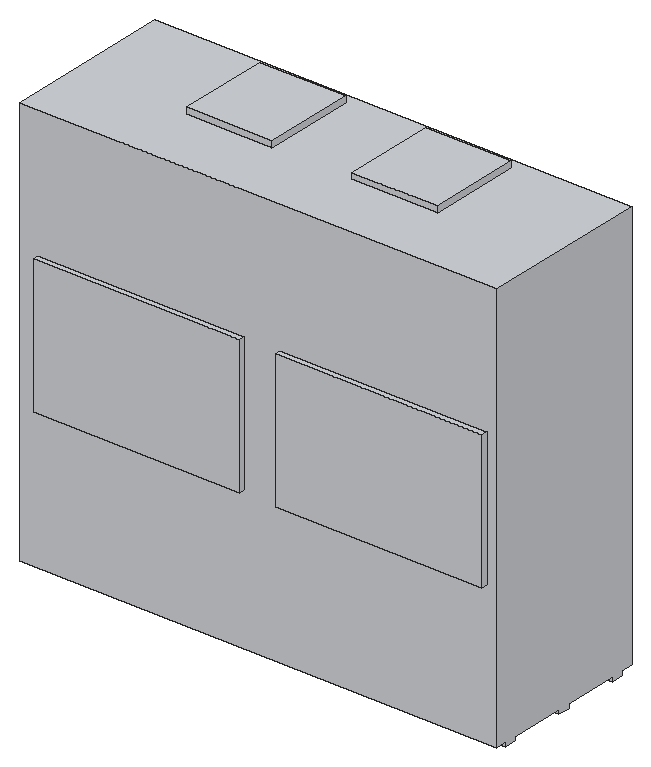
Revit family "M_WSHP - Vertical - 46-88 kW - Retorno frontal - Descarga superior", category Equipamento mecânico, Revit 2019
Family settings
  Cota do conector redondo = Usar raio
  Tipo de parte = Normal
  Número OmniClass = 23.75.10.21.17
  Título OmniClass = Water-Source Heat Pumps
  ID de item do Seek = WSHP - Vertical - 46-88 kW - Front Return - Top Discharge-0000-CAN-ENU
  Com base no plano de trabalho = Não
  Sempre na vertical = Sim
  Corte com vazios quando carregada = Não
  Compartilhado = Não
  Ponto de cálculo do ambiente = Não
Parameters (values of type "46 kW")
  Raio do fornecimento de água = 20 mm
  Diâmetro do fornecimento de água = Raio do fornecimento de água * 2  # 40 mm
  Raio do retorno da água = 20 mm
  Diâmetro do retorno da água = Raio do retorno da água * 2  # 40 mm
  Queda de pressão da água [instance] = 64810.7 Pa
  Fluxo da água [instance] = 2.33 L/s
  Voltagem = 460 V
  Largura do ar de fornecimento = 375 mm
  Altura do ar de fornecimento = 400 mm
  Largura do ar de retorno = 900 mm
  Altura do ar de retorno = 600 mm
  Largura da bomba = 736.6 mm
  Material da bomba = none
  Comprimento da bomba = 2082.8 mm
  Altura da bomba = 1816.1 mm
  Número de pólos = 3
  Classificação de carga = Refrigeração
  Fluxo da drenagem [instance] = 0.0 L/s
  Fluxo de ar 1 [instance] = Fluxo de ar / 2  # 1227.07 L/s
  Distância 1 = 350.5 mm
  Raio da condensação = 15 mm
  Diâmetro da condensação = Raio da condensação * 2  # 30 mm
  C8 Deslocamento 2 = 53.4 mm
  C8 Deslocamento 1 = 25.4 mm
  C6 Deslocamento 2 = 574.1 mm
  C6 Deslocamento 1 = 78.8 mm
  C4 Deslocamento 1 = 492.7 mm
  C3 Deslocamento 1 = 368.3 mm
  C2 Deslocamento 1 = 101.6 mm
  C1 Deslocamento 2 = 520.7 mm
  C1 Deslocamento 1 = 187.9 mm
  Carga aparente = 11132 VA
  Pressão estática externa [instance] = 248.84 Pa
  Fluxo de ar [instance] = 2454.13 L/s
Types (5, lengths in mm): name | Queda de pressão da água | Fluxo da água | Largura do ar de fornecimento | Fluxo de ar 1 | Distância 1 | C4 Deslocamento 1 | Carga aparente | Pressão estática externa | Fluxo de ar
  (no name) | 64810.7 Pa | 2.33 L/s | 375 | 1227.07 L/s | 350.5 | 492.7 | 11132 VA | 248.84 Pa | 2454.13 L/s
  46 kW | 64810.7 Pa | 2.33 L/s | 375 | 1227.07 L/s | 350.5 | 492.7 | 11132 VA | 248.84 Pa | 2454.13 L/s
  60 kW | 76531.8 Pa | 3.03 L/s | 475 | 1651.82 L/s | 566.4 | 147.3 | 17296 VA | 373.26 Pa | 3303.63 L/s
  70 kW | 100663.4 Pa | 3.79 L/s | 475 | 1982.18 L/s | 566.4 | 147.3 | 18768 VA | 373.26 Pa | 3964.36 L/s
  88 kW | 88942.4 Pa | 4.73 L/s | 475 | 2123.76 L/s | 561.4 | 147.3 | 21896 VA | 298.61 Pa | 4247.53 L/s
Reference planes
  plane 1 "Centro (Frente/Trás)": y = 0
  plane 2: z = 0
  plane 3 "Centro (Esquerda/Direita)": x = 0
  plane 4: y = 736.6
  plane 5: x = 2082.8
  plane 6: z = 19.05
  plane 7: z = 1816.1
  plane 8: y = 101.6
  plane 9: y = 187.9
  plane 10: y = 368.3
  plane 11: z = 539.75
  plane 12: x = -25.4
  plane 13: z = 72.45
  plane 14: x = 2057.4
  plane 15: x = 492.7
  plane 16: x = 867.7
  plane 17: x = 1218.2
  plane 18: x = 1593.2
  plane 19: y = 692.15
  plane 20: y = 292.15
  plane 21: z = 1841.5
  plane 22: z = 1242
  plane 23: z = 642
  plane 24: x = 78.8
  plane 25: x = 978.8
  plane 26: x = 1138.82
  plane 27: x = 2038.82
  plane 28: y = 368.3
  plane 29: y = 393.7
  plane 30: y = 342.9
  plane 31: y = 685.8
  plane 32: y = 635
  plane 33: y = 50.8
  plane 34: y = 101.6
  plane 35: y = -25.4
Forms (mm)
  Extrusion 1, solid, material <- "Material da bomba"
    sketch origin (0, 0, 0) x (1, 0, 0) y (0, 1, 0)
      loop
        line (0, 736.6) -> (0, 0) -> (2082.8, 0) -> (2082.8, 736.6) -> (0, 736.6)
    from 19.05 to 1816.1
  Extrusion 2, solid, material <- "Material da bomba"
    sketch origin (0, 0, 0) x (0, 1, 0) y (0, 0, 1)
      loop
        circle (101.6, 539.75) r 20
    from -25.4 to 0
  Extrusion 3, solid, material <- "Material da bomba"
    sketch origin (0, 0, 0) x (0, 1, 0) y (0, 0, 1)
      loop
        circle (187.9, 539.75) r 20
    from -25.4 to 0
  Extrusion 4, solid, material <- "Material da bomba"
    sketch origin (0, 0, 0) x (0, 1, 0) y (0, 0, 1)
      loop
        circle (368.3, 539.75) r 15
    from -25.4 to 0
  Extrusion 5, solid, material <- "Material da bomba"
    sketch origin (0, 0, 0) x (1, 0, 0) y (0, 0, 1)
      loop
        circle (2057.4, 72.45) r 12.7
    from -25.4 to 0
  Extrusion 6, solid, material <- "Material da bomba"
    sketch origin (0, 0, 0) x (1, 0, 0) y (0, 1, 0)
      loop
        line (492.7, 692.15) -> (492.7, 292.15) -> (867.7, 292.15) -> (867.7, 692.15) -> (492.7, 692.15)
      loop
        line (1218.2, 692.15) -> (1218.2, 292.15) -> (1593.2, 292.15) -> (1593.2, 692.15) -> (1218.2, 692.15)
    from 1816.1 to 1841.5
  Extrusion 7, solid, material <- "Material da bomba"
    sketch origin (0, 0, 0) x (1, 0, 0) y (0, 0, 1)
      loop
        line (78.8, 1242) -> (78.8, 642) -> (978.8, 642) -> (978.8, 1242) -> (78.8, 1242)
      loop
        line (1138.82, 1242) -> (1138.82, 642) -> (2038.82, 642) -> (2038.82, 1242) -> (1138.82, 1242)
    from 0 to 25.4
  Extrusion 8, solid, material <- "Material da bomba"
    sketch origin (0, 0, 0) x (1, 0, 0) y (0, 1, 0)
      loop
        line (0, 685.8) -> (0, 635) -> (2082.8, 635) -> (2082.8, 685.8) -> (0, 685.8)
      loop
        line (0, 393.7) -> (0, 342.9) -> (2082.8, 342.9) -> (2082.8, 393.7) -> (0, 393.7)
      loop
        line (0, 101.6) -> (0, 50.8) -> (2082.8, 50.8) -> (2082.8, 101.6) -> (0, 101.6)
    from 0 to 19.05
Cuts and joins
  joined: Extrusion 1, Extrusion 2, Extrusion 3, Extrusion 4, Extrusion 5, Extrusion 6, Extrusion 7, Extrusion 8
Dimensions and locks
  locked: plane 6 to level at 19.05
  "Altura da bomba": plane 7 to level
  "Comprimento da bomba": plane 3 "Centro (Esquerda/Direita)" to plane 5
  "C2 Deslocamento 1": plane 8 to plane 1 "Centro (Frente/Trás)"
  "C1 Deslocamento 1": plane 9 to plane 1 "Centro (Frente/Trás)"
  "C3 Deslocamento 1": plane 10 to plane 1 "Centro (Frente/Trás)"
  "C1 Deslocamento 2": plane 11 to plane 6
  locked: plane 12 to plane 3 "Centro (Esquerda/Direita)" at 25.4
  "C8 Deslocamento 1": plane 14 to plane 5
  "C8 Deslocamento 2": plane 13 to plane 6
  "Largura da bomba": plane 4 to plane 1 "Centro (Frente/Trás)"
  "C4 Deslocamento 1": plane 3 "Centro (Esquerda/Direita)" to plane 15
  "Largura do ar de fornecimento": plane 15 to plane 16
  "Distância 1": plane 16 to plane 17
  "Largura do ar de fornecimento": plane 17 to plane 18
  locked: plane 4 to plane 19 at 44.45
  "Altura do ar de fornecimento": plane 19 to plane 20
  locked: plane 21 to plane 7 at 25.4
  "C6 Deslocamento 2": plane 7 to plane 22
  "Altura do ar de retorno": plane 22 to plane 23
  "C6 Deslocamento 1": plane 24 to plane 3 "Centro (Esquerda/Direita)"
  "Largura do ar de retorno": plane 25 to plane 24
  locked: plane 26 to plane 25 at 160.02
  "Largura do ar de retorno": plane 27 to plane 26
  equal spacing: plane 4, plane 28, plane 1 "Centro (Frente/Trás)"
  locked: plane 29 to plane 30 at 50.8
  equal spacing: plane 29, plane 28, plane 30
  locked: plane 4 to plane 31 at 50.8
  locked: plane 31 to plane 32 at 50.8
  locked: plane 33 to plane 34 at 50.8
  locked: plane 1 "Centro (Frente/Trás)" to plane 33 at 50.8
  locked: plane 35 to plane 1 "Centro (Frente/Trás)" at 25.4
  "Raio do retorno da água": radius of Extrusion 2 sketch curve
  "Raio do fornecimento de água": radius of Extrusion 3 sketch curve
  "Raio da condensação": radius of Extrusion 4 sketch curve
  aligned and locked: plane 3 "Centro (Esquerda/Direita)" to Extrusion 1 sketch curve
  aligned and locked: Extrusion 1 sketch curve to plane 4
  aligned and locked: plane 1 "Centro (Frente/Trás)" to Extrusion 1 sketch curve
  aligned and locked: Extrusion 1 sketch curve to plane 5
  aligned and locked: Extrusion 1 to plane 7
  aligned and locked: Extrusion 1 to plane 6
  aligned and locked: plane 11 to Extrusion 2 sketch curve
  aligned and locked: plane 8 to Extrusion 2 sketch curve
  aligned and locked: plane 9 to Extrusion 3 sketch curve
  aligned and locked: plane 11 to Extrusion 3 sketch curve
  aligned and locked: plane 11 to Extrusion 4 sketch curve
  aligned and locked: plane 10 to Extrusion 4 sketch curve
  aligned and locked: plane 12 to Extrusion 2
  aligned and locked: plane 3 "Centro (Esquerda/Direita)" to Extrusion 2
  aligned and locked: Extrusion 3 to Extrusion 2
  aligned and locked: plane 3 "Centro (Esquerda/Direita)" to Extrusion 3
  aligned and locked: Extrusion 4 to Extrusion 2
  aligned and locked: plane 3 "Centro (Esquerda/Direita)" to Extrusion 4
  aligned and locked: plane 13 to Extrusion 5 sketch curve
  aligned and locked: plane 14 to Extrusion 5 sketch curve
  aligned and locked: Extrusion 1 to Extrusion 5
  aligned and locked: plane 15 to Extrusion 6 sketch curve
  aligned and locked: Extrusion 6 sketch curve to plane 19  (x2)
  aligned and locked: plane 20 to Extrusion 6 sketch curve  (x2)
  aligned and locked: Extrusion 6 sketch curve to plane 16
  aligned and locked: plane 17 to Extrusion 6 sketch curve  (x2)
  aligned and locked: Extrusion 6 sketch curve to plane 18
  aligned and locked: plane 21 to Extrusion 6
  aligned and locked: Extrusion 6 to plane 7
  aligned and locked: plane 24 to Extrusion 7 sketch curve
  aligned and locked: Extrusion 7 sketch curve to plane 22  (x2)
  aligned and locked: plane 23 to Extrusion 7 sketch curve  (x2)
  aligned and locked: Extrusion 7 sketch curve to plane 25
  aligned and locked: plane 26 to Extrusion 7 sketch curve  (x2)
  aligned and locked: Extrusion 7 sketch curve to plane 27
  aligned and locked: Extrusion 8 sketch curve to plane 31
  aligned and locked: plane 32 to Extrusion 8 sketch curve
  aligned and locked: plane 3 "Centro (Esquerda/Direita)" to Extrusion 8 sketch curve  (x2)
  aligned and locked: Extrusion 8 sketch curve to plane 5  (x2)
  aligned and locked: Extrusion 8 sketch curve to plane 33
  aligned and locked: plane 34 to Extrusion 8 sketch curve
  aligned and locked: Extrusion 8 sketch curve to Extrusion 1
  aligned and locked: Extrusion 8 sketch curve to plane 29
  aligned and locked: plane 30 to Extrusion 8 sketch curve
  aligned and locked: Extrusion 8 to plane 2
  aligned and locked: Extrusion 8 to plane 6
  aligned and locked: Extrusion 7 to plane 35
  aligned and locked: Extrusion 7 to plane 1 "Centro (Frente/Trás)"
Automatic sketch dimensions
  Extrusion 8 sketch curve to plane 3 "Centro (Esquerda/Direita)" = 0 mm
  radius of Extrusion 5 sketch curve = 12.7 mm
Connectors
  piping at (-25.4, 187.9, 539.75), diameter 40, driven by "Raio do fornecimento de água", driven by "Fluxo da água"
    settings: on Extrusion 3, index 1, connector inside diameter 40 mm, connector length 0 mm, flow factor 0, pipe flow 2.33 L/s, pressure drop 0.0 Pa, fitting loss kfactor 0, connector angle 0.00°, fixture units 0, engagement length 0 mm, angle of deflection 0.00°, flow configuration 1, flow direction 1, fitting loss method 4, system type 7, joint type 0, gender type 0, connector reference index 2, connector utility 0, adjustable connector no, is connector primary yes, connector description "Entrada do fornecimento de água"
  piping at (-25.4, 101.6, 539.75), diameter 40, driven by "Fluxo da água", driven by "Queda de pressão da água", driven by "Raio do retorno da água"
    settings: on Extrusion 2, index 2, connector inside diameter 40 mm, connector length 0 mm, flow factor 0, pipe flow 2.33 L/s, pressure drop 64810.7 Pa, fitting loss kfactor 0, connector angle 0.00°, fixture units 0, engagement length 0 mm, angle of deflection 0.00°, flow configuration 1, flow direction 2, fitting loss method 4, system type 8, joint type 0, gender type 0, connector reference index 1, connector utility 0, adjustable connector no, is connector primary no, connector description "Saída do retorno da água"
  piping at (-25.4, 368.3, 539.75), diameter 30, driven by "Raio da condensação", driven by "Fluxo da drenagem"
    settings: on Extrusion 4, index 3, connector inside diameter 30 mm, connector length 0 mm, flow factor 0, pipe flow 0.0 L/s, pressure drop 0.0 Pa, fitting loss kfactor 0, connector angle 0.00°, fixture units 0, engagement length 0 mm, angle of deflection 0.00°, flow configuration 1, flow direction 2, fitting loss method 0, system type 16, joint type 0, gender type 0, connector reference index -1, connector utility 0, adjustable connector yes, is connector primary no, connector description "Saída de condensação"
  hvac at (680.2, 492.15, 1841.5), driven by "Fluxo de ar 1", driven by "Altura do ar de fornecimento", driven by "Largura do ar de fornecimento"
    settings: on Extrusion 6, index 4, duct flow 1227.07 L/s, flow factor 0, pres drop 0.0 Pa, loss coef 0, conn angle 0.00°, conn width 375 mm, conn height 400 mm, conn diameter 609.6 mm, duct sys type 1, conn prof type 1, flow config 0, flow direction 2, loss method 0, conn ref index -1, conn util no, is conn primary yes, conn desc ""
  hvac at (1405.7, 492.15, 1841.5), driven by "Fluxo de ar 1", driven by "Altura do ar de fornecimento", driven by "Largura do ar de fornecimento"
    settings: on Extrusion 6, index 5, duct flow 1227.07 L/s, flow factor 0, pres drop 0.0 Pa, loss coef 0, conn angle 0.00°, conn width 375 mm, conn height 400 mm, conn diameter 609.6 mm, duct sys type 1, conn prof type 1, flow config 0, flow direction 2, loss method 0, conn ref index -1, conn util no, is conn primary no, conn desc ""
  hvac at (528.8, -25.4, 942), driven by "Fluxo de ar 1", driven by "Altura do ar de retorno", driven by "Largura do ar de retorno"
    settings: on Extrusion 7, index 6, duct flow 1227.07 L/s, flow factor 0, pres drop 0.0 Pa, loss coef 0, conn angle 0.00°, conn width 900 mm, conn height 600 mm, conn diameter 609.6 mm, duct sys type 2, conn prof type 1, flow config 0, flow direction 1, loss method 0, conn ref index -1, conn util no, is conn primary no, conn desc ""
  hvac at (1588.82, -25.4, 942), driven by "Fluxo de ar 1", driven by "Altura do ar de retorno", driven by "Largura do ar de retorno"
    settings: on Extrusion 7, index 7, duct flow 1227.07 L/s, flow factor 0, pres drop 0.0 Pa, loss coef 0, conn angle 0.00°, conn width 900 mm, conn height 600 mm, conn diameter 609.6 mm, duct sys type 2, conn prof type 1, flow config 0, flow direction 1, loss method 0, conn ref index -1, conn util no, is conn primary no, conn desc ""
  electrical at (2057.4, 0, 72.45), driven by "Carga aparente", driven by "Voltagem", driven by "Número de pólos", driven by "Classificação de carga"
    settings: on Extrusion 5, index 8, voltage 460 V, apparent load 11132 VA, apparent load phase1 0 VA, apparent load phase2 0 VA, apparent load phase3 0 VA, power factor 0.8, load classification "Refrigeração", number of poles 3, system type 30, power factor state 1, is connector primary yes, connector utility no, sub classification motor no, connector description ""
